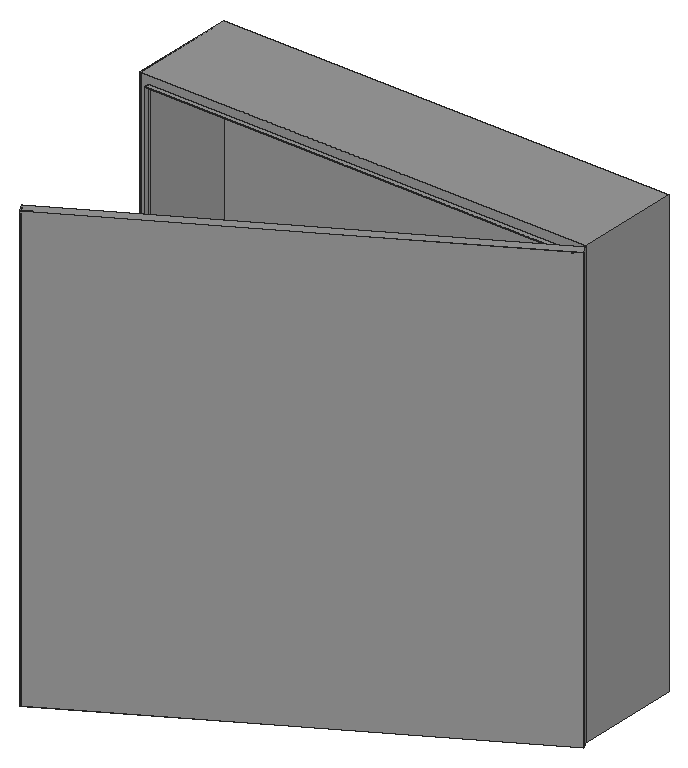
Revit family "Hager-Univers-IP54-D205-H800-Cl.II-Encl-NoHosted-AT-de", category Equipement électrique, Revit 2020
Family settings
  Configuration du panneau = Deux colonnes, circuits au sein
  Cote de connecteur circulaire = Utiliser le diamètre
  Type d'élément = Tableau de raccordement
  Basée sur le plan de construction = Oui
  Toujours verticalement = Oui
  Couper avec des vides une fois chargée = Non
  Partagée = Non
  Point de calcul de pièce = Non
Parameters (values of type "Aufputz IP54 B800 H800 T205  - FP53SW2")
  Width Control [instance] = if([EF000008 - Breite] > Min Width, [EF000008 - Breite], Min Width)  # 800 mm
  Commentaires du type = [HG000003 - Bereich]  # "Univers"
  Thickness Door [instance] = if([EF009171 - Materialstärke Tür/Deckel] > 3 mm, 3 mm, [EF009171 - Materialstärke Tür/Deckel])  # 1 mm
  Seal Frame Offset [instance] = 17 mm  # constant formula
  Plinth Visibility [instance] = [HG000027 - Sockelhöhe] > 0 mm  # no
  Min Width [instance] = 100 mm  # constant formula
  Min Depth [instance] = (2 * [EF009170 - Materialstärke Gehäuse]) + 1 mm  # 3 mm
  Min Height [instance] = 100 mm  # constant formula
  Internal Frame Depth [instance] = (Door System Depth * 0.5)  # 9 mm
  Panel Name [instance] = ""  # (empty or 0)
  Model = ""
  HG000027 - Sockelhöhe = 0 mm
  HG000026 - Stehend auf dem Boden = no
  HG000024 - Höhe des unteren Teils = 600 mm
  HG000023 - Gehäuse mit doppeltem Querschnitt = no
  HG000016 - 3D-Türsichtbarkeit [instance] = yes
  HG000015 - Sichtbarkeit der Türöffnung [instance] = no
  HG000014 - Tür rechts [instance] = yes
  HG000013 - Tür links [instance] = not([HG000014 - Tür rechts])  # no
  HG000012 - Türschwenkwinkel [instance] = 30.00°
  HG000010 - Asymmetrische Türen = no
  HG000009 - Doppelflügeligen Tür = no
  HG000006 - Unterputz = no
  HG000004 - Herstellerreferenz = "FP53SW2"
  HG000003 - Bereich = "Univers"
  HG000002 - Mit tür = yes
  Frame Offset Bottom [instance] = 10 mm  # constant formula
  Frame Offset [instance] = 15 mm  # constant formula
  EF015940 - Deckel mit Überdruckentlastung = no
  EF011959 - Schutzart (NEMA) = ""
  EF009554 - Anzahl der Öffnungen für Flanschplatten = 6
  EF009212 - Ausführung Deckel = "EV000116 - geschlossen"
  EF009171 - Materialstärke Tür/Deckel = 1 mm
  EF009170 - Materialstärke Gehäuse = 1 mm
  EF008873 - Nennstrom (In) = 250 A
  EF007800 - Geeignet für Blitzschutz = no
  EF006306 - Mit Schloss = no
  EF006244 - Transparenter Deckel/Tür = no
  EF005474 - Schutzart (IP) = "EV006419 - IP54"
  EF004464 - Art der Tür = "EV002646 - Einzel"
  EF004427 - Anzahl der Module = 180
  EF004293 - Schlagfestigkeit = "EV006815 - IK09"
  EF003532 - Geeignet für Außengebrauch = no
  EF002950 - Breite in Teilungseinheiten = 36
  EF001613 - Funktionserhalt = "EV000494 - ohne"
  EF001596 - Werkstoff des Gehäuses = "EV000179 - Stahl"
  EF001131 - Innentiefe = 130 mm
  EF001088 - Anbaumöglichkeit = yes
  EF000437 - Anzahl der Leitungseinführungen = 6
  EF000339 - Art der Abdeckung = "EV004216 - Tür"
  EF000266 - Anzahl der Reihen = 5
  EF000218 - Einbautiefe = 205 mm
  EF000118 - Mit Montageplatte = no
  EF000116 - RAL-Nummer = "9010"
  EF000049 - Tiefe = 205 mm
  EF000040 - Höhe = 800 mm
  EF000008 - Breite = 800 mm
  EF000007 - Farbe = "EV000202 - weiß"
  EF000003 - Montageart = "EV000384 - Aufputz"
  Door System Leaf Tolerance [instance] = 1.5 mm  # constant formula
  Door System Depth [instance] = 18 mm  # constant formula
  Door Height [instance] = Height Control - [HG000027 - Sockelhöhe]  # 800 mm
  Description = ""
  Default Elevation = 1219.2 mm
  Connector Offset [instance] = Height Control / 2  # 400 mm
  Fabricant = "Hager"  # constant formula
  Height Control [instance] = if([EF000040 - Höhe] > Min Height, [EF000040 - Höhe], Min Height)  # 800 mm
  Depth Control [instance] = if([EF000049 - Tiefe] > Min Depth, [EF000049 - Tiefe], Min Depth)  # 205 mm
  Bottom Top Plate Trim [instance] = 1.5 mm  # constant formula
  Plinth height Ctrl [instance] = if([HG000027 - Sockelhöhe] > 0 mm, [HG000027 - Sockelhöhe], 12 mm)  # 12 mm
Types (5, lengths in mm): name | Width Control | HG000010 - Asymmetrische Türen | HG000009 - Doppelflügeligen Tür | HG000004 - Herstellerreferenz | EF009554 - Anzahl der Öffnungen für Flanschplatten | EF004464 - Art der Tür | EF004427 - Anzahl der Module | EF002950 - Breite in Teilungseinheiten | EF000437 - Anzahl der Leitungseinführungen | EF000339 - Art der Abdeckung | EF000008 - Breite
  Aufputz IP54 B1050 H800 T205  - FP54SW2 | 1050 | no | yes | "FP54SW2" | 8 | "EV003602 - Doppel" | 240 | 48 | 8 | "EV004216 - Tür" | 1050
  Aufputz IP54 B1300 H800 T205  - FP55SW2 | 1300 | yes | yes | "FP55SW2" | 10 | "EV003602 - Doppel" | 300 | 60 | 10 | "EV004216 - Tür" | 1300
  Aufputz IP54 B300 H800 T205  - FP51SW2 | 300 | no | no | "FP51SW2" | 2 | "EV002646 - Einzel" | 60 | 12 | 2 | "EV001012 - Deckel" | 300
  Aufputz IP54 B550 H800 T205  - FP52SW2 | 550 | no | no | "FP52SW2" | 4 | "EV002646 - Einzel" | 120 | 24 | 4 | "EV001012 - Deckel" | 550
  Aufputz IP54 B800 H800 T205  - FP53SW2 | 800 | no | no | "FP53SW2" | 6 | "EV002646 - Einzel" | 180 | 36 | 6 | "EV004216 - Tür" | 800
Reference planes
  plane 1 "Center (Front/Back)": y = 0
  plane 2: z = 0
  plane 3 "Center (Left/Right)": x = 0
  plane 4: y = 0
  plane 5: y = 0
  plane 6: z = 0
  plane 7: x = -400
  plane 8: x = 400
  plane 9: x = 399
  plane 10: x = -399
  plane 11: z = 0
  plane 12: z = 1
  plane 13: y = -205
  plane 14: y = -1
  plane 15: x = 0
  plane 16: y = -187
  plane 17: y = -204
  plane 18: y = -186
  plane 19: x = -384
  plane 20: x = 384
  plane 21: z = 11
  plane 22: x = -383
  plane 23: x = 383
  plane 24: z = 0
  plane 25: z = 800
  plane 26: z = 800
  plane 27: z = 784
  plane 28: z = 799
Forms (mm)
  Extrusion 1, solid, material "Hager_Steel_RAL7035_Light_Grey", detail levels medium+fine
    sketch origin (-208.679, -4572, 0) x (-1, 0, 0) y (0, -1, 0)
      loop
        line (191.321, -4385) -> (-608.679, -4385) -> (-608.679, -4572) -> (191.321, -4572) -> (191.321, -4385)
    from 0 to 800
  Extrusion 2, void
    sketch origin (-350.771, -205, 1219.2) x (1, 0, 0) y (0, 0, 1)
      loop
        line (-48.229, -420.2) -> (-48.229, -1218.2) -> (749.771, -1218.2) -> (749.771, -420.2) -> (-48.229, -420.2)
    from -19 to -204
  Extrusion 3, void
    sketch origin (-290.084, -187, 1219.2) x (1, 0, 0) y (0, 0, 1)
      loop
        line (-93.916, -1208.2) -> (674.084, -1208.2) -> (674.084, -435.2) -> (-93.916, -435.2) -> (-93.916, -1208.2)
    from 0 to -1
  Extrusion 4, solid, material "Hager_Steel_RAL7035_Light_Grey", visible <- "Plinth Visibility", detail levels medium+fine
    sketch origin (0, 0, 0) x (1, 0, 0) y (0, 1, 0)
      loop
        line (-400, 0) -> (-400, -187) -> (400, -187) -> (400, 0) -> (-400, 0)
    from 0 to 12 <- "Plinth height Ctrl"
  Extrusion 5, solid, material "Hager_Steel_RAL7035_Light_Grey", detail levels coarse
    sketch origin (0, 0, 0) x (1, 0, 0) y (0, 1, 0)
      loop
        line (-400, 0) -> (-400, -205) -> (400, -205) -> (400, 0) -> (-400, 0)
    from 0 to 800 <- "Height Control"
  Sweep 6, void
    path in 3D
      loop
        line (-400, -187, 12) -> (400, -187, 12) -> (400, 0, 12) -> (-400, 0, 12) -> (-400, -187, 12)
    profile origin (-400, -93.5, 12) x (1, 0, 0) y (0, 0, 1)
      loop
        line (0, 0) -> (0, -1.5) -> (1.5, -1.5)
        arc (1.5, -1.5) -> (1.061, -0.439) -> (0, 0) r 1.5
  Extrusion 7, solid, material "Hager_Steel_RAL7035_Light_Grey", detail levels fine
    sketch origin (-400, -187, 0) x (1, 0, 0) y (0, 0, 1)
      loop
        line (16, 11) -> (784, 11) -> (784, 784) -> (16, 784) -> (16, 11)
      loop
        line (15, 10) -> (785, 10) -> (785, 785) -> (15, 785) -> (15, 10)
    from 0 to 9 <- "Internal Frame Depth"
Cuts and joins
  Extrusion 2, Extrusion 3 cuts Extrusion 1
  Sweep 6 cuts Extrusion 4
Lines and regions (mm)
  Masking region 1
    outline origin (0, 0, 0) x (1, 0, 0) y (0, 1, 0)
      loop
        line (-400, 0) -> (-400, -205) -> (400, -205) -> (400, 0) -> (-400, 0)
  Masking region 2, detail levels coarse
    outline origin (-290.084, -187, 1219.2) x (-1, 0, 0) y (0, 0, 1)
      loop
        line (-690.084, -1219.2) -> (109.916, -1219.2) -> (109.916, -419.2) -> (-690.084, -419.2) -> (-690.084, -1219.2)
  Masking region 3, detail levels coarse
    outline origin (0, 0, 0) x (0, 1, 0) y (0, 0, 1)
      loop
        line (0, 0) -> (0, 800) -> (-205, 800) -> (-205, 0) -> (0, 0)
  Masking region 4, visible <- "Plinth Visibility", detail levels medium+fine
    outline origin (0, 0, 0) x (0, 1, 0) y (0, 0, 1)
      loop
        line (-1.5, 12) -> (-185.5, 12)
        arc (-185.5, 12) -> (-185.939, 10.939) -> (-187, 10.5) r 1.5
        line (-187, 10.5) -> (-187, 0) -> (0, 0) -> (0, 10.5)
        arc (0, 10.5) -> (-1.061, 10.939) -> (-1.5, 12) r 1.5
  Masking region 5, detail levels medium+fine
    outline origin (0, 0, 594.038) x (0, 1, 0) y (0, 0, 1)
      loop
        line (0, -594.038) -> (0, 205.962) -> (-187, 205.962) -> (-187, -594.038) -> (0, -594.038)
  Masking region 6, detail levels medium+fine
    outline origin (-359.7, -187, 1211.883) x (-1, 0, 0) y (0, 0, 1)
      loop
        line (-759.7, -1211.883) -> (40.3, -1211.883) -> (40.3, -411.883) -> (-759.7, -411.883) -> (-759.7, -1211.883)
  Masking region 7, visible <- "Plinth Visibility", detail levels medium+fine
    outline origin (-320.334, -187, 1041.368) x (-1, 0, 0) y (0, 0, 1)
      loop
        line (-720.334, -1041.368) -> (79.666, -1041.368) -> (79.666, -1030.868)
        arc (79.666, -1030.868) -> (78.606, -1030.429) -> (78.166, -1029.368) r 1.5
        line (78.166, -1029.368) -> (-718.834, -1029.368)
        arc (-718.834, -1029.368) -> (-719.273, -1030.429) -> (-720.334, -1030.868) r 1.5
        line (-720.334, -1030.868) -> (-720.334, -1041.368)
  sketch lines
    curve 1: line (-400, 0, 12) -> (-400, -187, 12)
    curve 2: line (-400, -187, 12) -> (400, -187, 12)
    curve 3: line (400, 0, 12) -> (-400, 0, 12)
    curve 4: line (400, -187, 12) -> (400, 0, 12)
Dimensions and locks
  locked: plane 1 "Center (Front/Back)" to plane 5
  "EF009170 - Materialstärke Gehäuse": plane 7 to plane 10
  "EF009170 - Materialstärke Gehäuse": plane 8 to plane 9
  equal spacing: plane 7, plane 3 "Center (Left/Right)", plane 8
  "Width Control": plane 7 to plane 8
  "Depth Control": plane 4 to plane 13
  "EF009170 - Materialstärke Gehäuse": plane 4 to plane 14
  "Height Control": plane 25 to level
  "HG000027 - Sockelhöhe": plane 11 to level
  "EF009170 - Materialstärke Gehäuse": plane 12 to plane 11
  "EF009170 - Materialstärke Gehäuse": plane 17 to plane 13
  "EF009170 - Materialstärke Gehäuse": plane 18 to plane 16
  "Frame Offset Bottom": plane 21 to plane 12
  "Frame Offset": plane 10 to plane 19
  "Frame Offset": plane 9 to plane 20
  "Door System Depth": plane 16 to plane 13
  "Seal Frame Offset": plane 7 to plane 22
  "Seal Frame Offset": plane 8 to plane 23
  "EF009170 - Materialstärke Gehäuse": plane 26 to plane 28
  "Frame Offset": plane 28 to plane 27
  "Connector Offset": plane 2 to connector elem
  "Bottom Top Plate Trim": profile plane to Sweep 6 sketch curve
  "Bottom Top Plate Trim": Sweep 6 sketch curve to Sweep 6 sketch curve
  "Plinth height Ctrl": Masking region 4 sketch curve to level
  "Plinth height Ctrl": Masking region 7 sketch curve to level
  "Thickness Door": Extrusion 7 sketch curve to Extrusion 7 sketch curve  (x4)
  "Bottom Top Plate Trim": radius of Sweep 6 sketch curve
  "Bottom Top Plate Trim": radius of Masking region 4 sketch curve  (x2)
  "Bottom Top Plate Trim": radius of Masking region 7 sketch curve  (x2)
  aligned and locked: Extrusion 2 sketch curve to plane 12
  aligned and locked: Extrusion 2 sketch curve to plane 9
  aligned and locked: Extrusion 2 sketch curve to plane 10
  aligned and locked: Extrusion 2 to plane 14
  aligned and locked: Extrusion 1 sketch curve to plane 4
  aligned and locked: plane 8 to Extrusion 1 sketch curve
  aligned and locked: plane 7 to Extrusion 1 sketch curve
  aligned and locked: Extrusion 2 to plane 18
  aligned and locked: Extrusion 3 sketch curve to plane 19
  aligned and locked: plane 20 to Extrusion 3 sketch curve
  aligned and locked: Extrusion 3 to Extrusion 2
  aligned and locked: Extrusion 3 sketch curve to plane 21
  aligned and locked: plane 3 "Center (Left/Right)" to nested 1
  aligned and locked: Extrusion 1 sketch curve to plane 16
  aligned and locked: Extrusion 4 sketch curve to cut or joined group of Extrusion 1, Extrusion 2, Extrusion 3
  aligned and locked: Masking region 1 sketch curve to plane 7
  aligned and locked: Masking region 1 sketch curve to plane 5
  aligned and locked: Masking region 1 sketch curve to plane 8
  aligned and locked: Masking region 2 sketch curve to level
  aligned and locked: level to Masking region 3 sketch curve
  aligned and locked: plane 1 "Center (Front/Back)" to Masking region 3 sketch curve
  aligned and locked: plane 13 to Masking region 3 sketch curve
  aligned and locked: plane 5 to Masking region 4 sketch curve
  aligned and locked: Masking region 2 sketch curve to plane 8
  aligned and locked: Masking region 2 sketch curve to plane 7
  aligned and locked: plane 7 to nested 2
  aligned and locked: nested 2 to plane 5
  aligned and locked: plane 5 to Masking region 5 sketch curve
  aligned and locked: plane 26 to Masking region 5 sketch curve
  aligned and locked: Extrusion 5 sketch curve to plane 8
  aligned and locked: Extrusion 5 sketch curve to plane 7
  aligned and locked: Extrusion 5 sketch curve to plane 5
  aligned and locked: Extrusion 3 sketch curve to plane 27
  aligned and locked: Extrusion 2 sketch curve to plane 28
  aligned and locked: Masking region 2 to plane 25
  aligned and locked: Extrusion 4 to plane 16
  aligned and locked: profile plane to Sweep 6 sketch curve
  aligned and locked: Masking region 5 sketch curve to plane 24
  aligned and locked: level to Masking region 4 sketch curve
  aligned and locked: Masking region 1 to plane 13
  aligned and locked: nested 1 to plane 16
  aligned and locked: Masking region 3 to plane 25
  aligned and locked: plane 16 to Masking region 4 sketch curve
  aligned and locked: Masking region 5 sketch curve to plane 16
  aligned and locked: plane 24 to plane 11
  aligned and locked: plane 26 to plane 25
  aligned and locked: plane 26 to cut or joined group of Extrusion 1, Extrusion 2, Extrusion 3
  aligned and locked: nested 1 to plane 24
  aligned and locked: Extrusion 1 to Extrusion 3
  aligned and locked: Masking region 6 sketch curve to plane 8
  aligned and locked: Masking region 6 sketch curve to plane 24
  aligned and locked: Masking region 6 sketch curve to plane 7
  aligned and locked: Masking region 6 sketch curve to plane 26
  aligned and locked: Masking region 7 sketch curve to plane 7
  aligned and locked: level to Masking region 7 sketch curve
  aligned and locked: Masking region 7 sketch curve to plane 8
  aligned and locked: Extrusion 7 sketch curve to cut or joined group of Extrusion 1, Extrusion 2, Extrusion 3  (x4)
Automatic sketch dimensions
  plane 19 to Extrusion 3 sketch curve = 0 mm
  Extrusion 3 sketch curve to plane 20 = 0 mm
  Extrusion 3 sketch curve to plane 21 = 0 mm
  Extrusion 4 sketch curve to plane 7 = 0 mm
  Extrusion 4 sketch curve to plane 8 = 0 mm
  Extrusion 4 sketch curve to plane 16 = 0 mm
  Masking region 1 sketch curve to plane 13 = 0 mm
  Masking region 2 sketch curve to plane 25 = 0 mm
  Masking region 3 sketch curve to plane 25 = 0 mm
  Extrusion 5 sketch curve to plane 13 = 0 mm
  profile plane to Sweep 6 sketch curve = 0 mm
Nested families
  nested 1: "EC000058_Univers_Door" at (0, -187, 0), Double <- "HG000009 - Doppelflügeligen Tür", Transparent <- "EF006244 - Transparenter Deckel/Tür", Angle <- "HG000012 - Türschwenkwinkel", Door_Right <- "HG000014 - Tür rechts", Assymetrical <- "HG000010 - Asymmetrische Türen", Door <- "HG000002 - Mit tür", Width_Ctrl <- "Width Control", 3d_Door <- "HG000016 - 3D-Türsichtbarkeit", Clearance <- "HG000015 - Sichtbarkeit der Türöffnung", Door_Left <- "HG000013 - Tür links", Width <- "Width Control", Door_Depth <- "Door System Depth", Leaf_Tolerance <- "Door System Leaf Tolerance", Height <- "Door Height", Lock_Visibility <- "EF006306 - Mit Schloss", Thickness <- "Thickness Door", type "EC000058_Univers_Door", detail levels medium+fine
    with min_wh 3 mm, Width_Ctrl 800 mm, Width 800 mm, Transparent no, Thickness 1 mm, Seal_Material Hager_Rubber, Lock_Visibility no, Lock_Material Hager_Plastic_RAL9005_Jet_Black, Leaf_Width 800 mm, Leaf_Tolerance_External_Sides 0 mm, Leaf_Tolerance 1.5 mm, Leaf_Offset 0 mm, Leaf_Height 797 mm, Leaf_2_Width 800 mm, Leaf_2_Offset 400 mm, Leaf_1_Width 800 mm, Leaf_1_Offset 400 mm, Height_Ctrl 800 mm, Height 800 mm, Glass_Material Hager_Glass, Double_Clearance_Ctrl no, Double no, Door_Right_Ctrl yes, Door_Right yes, Door_Material Hager_Steel_RAL7035_Light_Grey, Door_Left_Ctrl no, Door_Left no, Door_Depth 18 mm, Door yes, Clearance_Material Hager_Clearance, Clearance_Depth 800 mm, Clearance_Ctrl no, Clearance no, Assymetrical no, Angle 30.00°, 3d_Door yes
  nested 2: "Hager_Enclosure_Symbol" at (-400, 0, 0), Height <- "Depth Control", Width <- "Width Control", type "Hager_Enclosure_Symbol"
    with Width_Ctrl 800 mm, Width 800 mm, Height_Ctrl 205 mm, Height 205 mm, A_Width_Int 13.453 mm, A_Width 161.438 mm, A_Height_Ctrl 179.375 mm, A_Height 179.375 mm
Connectors
  electrical at (0, 0, 400)
    settings: on plane 1 "Center (Front/Back)", index 1, voltage 0 V, apparent load 0 VA, apparent load phase1 0 VA, apparent load phase2 0 VA, apparent load phase3 0 VA, power factor 1, load classification "Other", number of poles 1, system type 30, power factor state 1, is connector primary yes, connector utility no, sub classification motor no, connector description ""
Definition of nested family "EC000058_Univers_Door"
  Parameters (values of type "EC000058_Univers_Door")
    min_wh [instance] = (2 * Thickness) + 1 mm  # 11 mm
    Width_Ctrl [instance] = 400 mm
    Width [instance] = 500 mm
    Transparent [instance] = yes
    Thickness [instance] = 5 mm
    Seal_Material [instance] = none
    Lock_Visibility [instance] = yes
    Lock_Material [instance] = none
    Leaf_Width [instance] = if((Width_Ctrl - 2 * Leaf_Tolerance_External_Sides) > 0 mm, (Width_Ctrl - 2 * Leaf_Tolerance_External_Sides), min_wh)  # 400 mm
    Leaf_Tolerance_External_Sides [instance] = 0 mm  # constant formula
    Leaf_Tolerance [instance] = 1.5 mm
    Leaf_Offset [instance] = 0 mm  # constant formula
    Leaf_Height [instance] = if((Height_Ctrl - 2 * Leaf_Tolerance) > 0 mm, (Height_Ctrl - 2 * Leaf_Tolerance), min_wh)  # 497 mm
    Leaf_2_Width [instance] = if(and(and(Double, Assymetrical), Door_Left), (Leaf_Width / 3) - (Leaf_Tolerance / 2), if(and(and(Double, Assymetrical), Door_Right), (Leaf_Width / 3) * 2 - (Leaf_Tolerance / 2), if(and(Double, not(Assymetrical)), (Leaf_Width / 2) - Leaf_Tolerance, Leaf_Width)))  # 400 mm
    Leaf_2_Offset [instance] = if(and(Double, Assymetrical), Leaf_2_Width / 2, if(and(Double, not(Assymetrical)), Leaf_Width / 4, Leaf_Width / 2))  # 200 mm
    Leaf_1_Width [instance] = if(and(and(Double, Assymetrical), Door_Right), (Leaf_Width / 3) - (Leaf_Tolerance / 2), if(and(and(Double, Assymetrical), Door_Left), (Width / 3) * 2 - (Leaf_Tolerance / 2), if(and(Double, not(Assymetrical)), (Leaf_Width / 2) - Leaf_Tolerance, Leaf_Width)))  # 400 mm
    Leaf_1_Offset [instance] = if(and(Double, Assymetrical), Leaf_1_Width / 2, if(and(Double, not(Assymetrical)), Leaf_Width / 4, Leaf_Width / 2))  # 200 mm
    Height_Ctrl [instance] = if(Height > min_wh, Height, min_wh)  # 500 mm
    Height [instance] = 500 mm
    Glass_Material [instance] = none
    Double_Clearance_Ctrl [instance] = and(Double, Clearance)  # no
    Double [instance] = no
    Door_Right_Ctrl [instance] = and(or(Door_Right, Double), Door)  # yes
    Door_Right [instance] = yes
    Door_Material [instance] = none
    Door_Left_Ctrl [instance] = and(or(Door_Left, Double), Door)  # no
    Door_Left [instance] = no
    Door_Depth [instance] = 30 mm
    Door [instance] = yes
    Default Elevation = 1219.2 mm
    Clearance_Material [instance] = none
    Clearance_Depth [instance] = if(Leaf_1_Width > Leaf_2_Width, Leaf_1_Width, Leaf_2_Width)  # 400 mm
    Clearance_Ctrl [instance] = and(not(Double), Clearance)  # yes
    Clearance [instance] = yes
    Assymetrical [instance] = yes
    Angle [instance] = 30.00°
    3d_Door [instance] = yes
  Reference planes
    plane 1 "Center (Front/Back)": y = 0
    plane 2 "Bottom": z = 0
    plane 3 "Center (Left/Right)": x = 0
    plane 4: z = 500
    plane 5: x = -200
    plane 6: x = 200
    plane 7: z = 500
    plane 8: x = -200
    plane 9: z = 0
    plane 10: x = 200
    plane 11: y = 0
    plane 12: z = 1.5
    plane 13: x = -600
    plane 14: y = -400
    plane 15: x = 600
    plane 16: x = 0
    plane 17: x = 0
    plane 18: x = -200
    plane 19: x = 200
    plane 20: z = 498.5
  Forms (mm)
    Extrusion 1, solid, material <- "Clearance_Material", visible <- "Double_Clearance_Ctrl"
      sketch origin (1200, 0, 0) x (1, 0, 0) y (0, 0, -1)
        loop
          line (-1800, -498.5) -> (-600, -498.5) -> (-600, 0) -> (-1800, 0) -> (-1800, -498.5)
      from 0 to -400
  Dimensions and locks
    equal spacing: plane 5, plane 3 "Center (Left/Right)", plane 6
    "Width_Ctrl": plane 5 to plane 6
    "Leaf_Offset": plane 5 to plane 8
    "Leaf_Offset": plane 6 to plane 10
    "Leaf_Offset": plane 9 to level
    "Leaf_Offset": plane 4 to plane 7
    "Height_Ctrl": plane 4 to level
    "Leaf_Tolerance": plane 12 to plane 9
    locked: plane 11 to plane 1 "Center (Front/Back)"
    "Leaf_1_Offset": plane 18 to plane 16
    "Leaf_2_Offset": plane 17 to plane 19
    "Leaf_1_Width": plane 13 to plane 8
    "Leaf_2_Width": plane 10 to plane 15
    "Clearance_Depth": plane 14 to plane 1 "Center (Front/Back)"
    "Leaf_Tolerance_External_Sides": plane 8 to plane 18
    "Leaf_Tolerance_External_Sides": plane 19 to plane 10
    "Leaf_Tolerance": plane 7 to plane 20
    aligned and locked: level to plane 2 "Bottom"
    aligned and locked: nested 1 to plane 16
    aligned and locked: nested 2 to plane 17
    aligned and locked: Extrusion 1 to plane 13
    aligned and locked: plane 15 to Extrusion 1
    aligned and locked: Extrusion 1 to plane 14
    aligned and locked: plane 12 to nested 1
    aligned and locked: nested 2 to plane 12
    aligned and locked: Extrusion 1 to plane 11
    aligned and locked: plane 20 to Extrusion 1
    aligned and locked: nested 2 to plane 11
    aligned and locked: nested 1 to plane 11
  Automatic sketch dimensions
    Extrusion 1 sketch curve to level = 0 mm
    plane 5 to Extrusion 1 sketch curve = 400 mm
    plane 6 to Extrusion 1 sketch curve = 400 mm
    Extrusion 1 sketch curve to plane 4 = 1.5 mm
  Nested families
    nested 1: "EC000058_Univers_Door_Leaf" at (0, 0, 1.5), Width <- "Leaf_1_Width", visible <- "Door_Left_Ctrl", Leaf_Height <- "Leaf_Height", Angle <- "Angle", 3d_Door <- "3d_Door", Transparent <- "Transparent", Clearance Material <- "Clearance_Material", Clearance <- "Clearance_Ctrl", Door_Material <- "Door_Material", Glass_Material <- "Glass_Material", Door_Depth <- "Door_Depth", Lock_Material <- "Lock_Material", Seal_Material <- "Seal_Material", Lock_Visibility <- "Lock_Visibility", Thickness <- "Thickness", type "EC000058_Univers_Door_Leaf"
      with Width 400 mm, Transparent_Glass_Offset 30 mm, Transparent_Ctrl yes, Transparent yes, Thickness 5 mm, Standard no, Seal_Material none, Seal_D2 8 mm, Seal_D1 1 mm, Offset_Internal_Frame 10 mm, Lock_Width 20 mm, Lock_Visibility_3d yes, Lock_Visibility yes, Lock_Thickness_3 3 mm, Lock_Thickness_2 1 mm, Lock_Thickness_1 3 mm, Lock_Radius_Offset_2 16 mm, Lock_Radius_Offset_1 15 mm, Lock_Radius_2 5 mm, Lock_Radius 6 mm, Lock_Offset 5 mm, Lock_Material none, Lock_Height 80 mm, Lock_Cover_Top_Offset_2d 17 mm, Lock_Cover_Height -65 mm, Leaf_Height 497 mm, Internal_Seal_Thickness 8 mm, Internal_Seal_Depth_2 4.5 mm, Internal_Frame_Depth 25 mm, Glass_Thickness -1 mm, Glass_Offset -2 mm, Glass_Material none, Door_Material none, Door_Depth 30 mm, Clearance Material none, Clearance yes, Angle_Ctrl 30.00°, Angle 30.00°, 3d_Door yes
    nested 2: "EC000058_Univers_Door_Leaf" at (0, 0, 1.5) x (-1, 0, 0) z (0, 0, 1), Width <- "Leaf_2_Width", visible <- "Door_Right_Ctrl", Leaf_Height <- "Leaf_Height", Angle <- "Angle", 3d_Door <- "3d_Door", Transparent <- "Transparent", Clearance Material <- "Clearance_Material", Clearance <- "Clearance_Ctrl", Door_Material <- "Door_Material", Glass_Material <- "Glass_Material", Door_Depth <- "Door_Depth", Lock_Material <- "Lock_Material", Seal_Material <- "Seal_Material", Lock_Visibility <- "Lock_Visibility", Thickness <- "Thickness", type "EC000058_Univers_Door_Leaf"
      with Width 400 mm, Transparent_Glass_Offset 30 mm, Transparent_Ctrl yes, Transparent yes, Thickness 5 mm, Standard no, Seal_Material none, Seal_D2 8 mm, Seal_D1 1 mm, Offset_Internal_Frame 10 mm, Lock_Width 20 mm, Lock_Visibility_3d yes, Lock_Visibility yes, Lock_Thickness_3 3 mm, Lock_Thickness_2 1 mm, Lock_Thickness_1 3 mm, Lock_Radius_Offset_2 16 mm, Lock_Radius_Offset_1 15 mm, Lock_Radius_2 5 mm, Lock_Radius 6 mm, Lock_Offset 5 mm, Lock_Material none, Lock_Height 80 mm, Lock_Cover_Top_Offset_2d 17 mm, Lock_Cover_Height -65 mm, Leaf_Height 497 mm, Internal_Seal_Thickness 8 mm, Internal_Seal_Depth_2 4.5 mm, Internal_Frame_Depth 25 mm, Glass_Thickness -1 mm, Glass_Offset -2 mm, Glass_Material none, Door_Material none, Door_Depth 30 mm, Clearance Material none, Clearance yes, Angle_Ctrl 30.00°, Angle 30.00°, 3d_Door yes
  Definition of nested family "EC000058_Univers_Door_Leaf"
    Parameters (values of type "EC000058_Univers_Door_Leaf")
      Width [instance] = 2000 mm
      Transparent_Glass_Offset [instance] = 30 mm
      Transparent_Ctrl [instance] = and(Transparent, [3d_Door])  # yes
      Transparent [instance] = yes
      Thickness [instance] = 5 mm
      Standard [instance] = and(not(Transparent), [3d_Door])  # no
      Seal_Material [instance] = none
      Seal_D2 [instance] = 8 mm  # constant formula
      Seal_D1 [instance] = 1 mm  # constant formula
      Offset_Internal_Frame [instance] = 10 mm  # constant formula
      Lock_Width [instance] = 20 mm  # constant formula
      Lock_Visibility_3d [instance] = and(Lock_Visibility, [3d_Door])  # yes
      Lock_Visibility [instance] = yes
      Lock_Thickness_3 [instance] = 3 mm  # constant formula
      Lock_Thickness_2 [instance] = 1 mm  # constant formula
      Lock_Thickness_1 [instance] = 3 mm  # constant formula
      Lock_Radius_Offset_2 [instance] = Lock_Radius_Offset_1 + 1 mm  # 16 mm
      Lock_Radius_Offset_1 [instance] = 15 mm  # constant formula
      Lock_Radius_2 [instance] = Lock_Radius - 1 mm  # 5 mm
      Lock_Radius [instance] = 6 mm  # constant formula
      Lock_Offset [instance] = 5 mm  # constant formula
      Lock_Material [instance] = none
      Lock_Height [instance] = 80 mm  # constant formula
      Lock_Cover_Top_Offset_2d [instance] = Lock_Radius_Offset_2 + 1 mm  # 17 mm
      Lock_Cover_Height [instance] = -(Lock_Height - Lock_Radius_Offset_1)  # -65 mm
      Leaf_Height [instance] = 2720.336 mm
      Internal_Seal_Thickness [instance] = 8 mm  # constant formula
      Internal_Seal_Depth_2 [instance] = 4.5 mm  # constant formula
      Internal_Frame_Depth [instance] = if(Door_Depth - Thickness > 5 mm, Door_Depth - Thickness, 5 mm)  # 25 mm
      Glass_Thickness [instance] = if(Thickness > 15 mm, Glass_Offset + 10 mm, -1 mm)  # -1 mm
      Glass_Offset [instance] = if(Thickness > 15 mm, -(Thickness + 10 mm) / 2, -2 mm)  # -2 mm
      Glass_Material [instance] = none
      Door_Material [instance] = none
      Door_Depth [instance] = 30 mm
      Default Elevation = 0 mm
      Clearance Material [instance] = none
      Clearance [instance] = yes
      Angle_Ctrl [instance] = if(Angle > 180.00°, 180.00°, Angle)  # 90.00°
      Angle [instance] = 90.00°
      3d_Door [instance] = yes
    Reference planes
      plane 1 "Center (Front/Back)": y = 0
      plane 2: z = 0
      plane 3 "Center (Left/Right)": x = 0
      plane 4: y = 2000
      plane 5: x = -1000
      plane 6: x = 1000
      plane 7: x = -3000
      plane 8: z = 2720.336
      plane 9: z = 30
      plane 10: z = 2690.336
      plane 11: x = 970
      plane 12: x = -970
      plane 13: y = -3
      plane 14: z = 107.833
      plane 15: y = -5
      plane 16: y = -223.314
      plane 17: x = -1000
      plane 18: z = 1360.168
      plane 19: y = 30
    Forms (mm)
      Extrusion 1, solid, material <- "Clearance Material", visible <- "Clearance"
        sketch origin (0, 0, 0) x (1, 0, 0) y (0, 0, 1)
          loop
            line (-3000, 2720.336) -> (-3000, 0) -> (1000, 0) -> (1000, 2720.336) -> (-3000, 2720.336)
        from 0 to -2000
      Extrusion 2, solid, material <- "Door_Material", visible <- "Standard", detail levels medium+fine
        sketch origin (-1000, 0, 0) x (0, 1, 0) y (-1, 0, 0)
          loop
            line (0, 30) -> (0, 25) -> (2000, 25) -> (2000, 30) -> (0, 30)
        from 0 to 2720.336 <- "Leaf_Height"
      Extrusion 3, solid, material <- "Door_Material", visible <- "Transparent_Ctrl", detail levels medium+fine
        sketch origin (-1000, 0, 0) x (0, 1, 0) y (-1, 0, 0)
          loop
            line (0, 25) -> (2000, 25) -> (2000, 30) -> (0, 30) -> (0, 25)
        from 0 to 2720.336 <- "Leaf_Height"
      Extrusion 4, void
        sketch origin (-1025, 2000, 0) x (0, 1, 0) y (0, 0, -1)
          loop
            line (-30, -2690.336) -> (-30, -30) -> (-1970, -30) -> (-1970, -2690.336) -> (-30, -2690.336)
        from 0 to 5 <- "Thickness"
      Sweep 5, solid, material <- "Seal_Material", visible <- "Transparent_Ctrl", detail levels fine
        path in 3D
          loop
            line (-1025, 30, 30) -> (-1025, 30, 2690.336) -> (-1025, 1970, 2690.336) -> (-1025, 1970, 30) -> (-1025, 30, 30)
        profile origin (-1025, 1000, 30) x (1, 0, 0) y (0, 0, 1)
          loop
            line (0, 0) -> (0, -8) -> (1, -8) -> (1, 0) -> (0, 0)
      Extrusion 6, solid, material <- "Glass_Material", visible <- "Transparent_Ctrl", detail levels medium+fine
        sketch origin (-1030, 0, 0) x (0, 1, 0) y (0, 0, -1)
          loop
            line (1970, -2690.336) -> (1970, -30) -> (30, -30) -> (30, -2690.336) -> (1970, -2690.336)
        from -2 <- "Glass_Offset" to -1 <- "Glass_Thickness"
      Extrusion 7, solid, material <- "Door_Material", visible <- "3d_Door", detail levels medium+fine
        sketch origin (-1025, 2000, 0) x (0, -1, 0) y (0, 0, -1)
          loop
            line (0, -2720.336) -> (2000, -2720.336) -> (2000, 0) -> (0, 0) -> (0, -2720.336)
          loop
            line (1995, -5) -> (5, -5) -> (5, -2715.336) -> (1995, -2715.336) -> (1995, -5)
        from 0 to 25 <- "Internal_Frame_Depth"
      Sweep 8, solid, material <- "Seal_Material", visible <- "Transparent_Ctrl", detail levels fine
        path in 3D
          loop
            line (-1025, 0, 0) -> (-1025, 2000, 0) -> (-1025, 2000, 2720.336) -> (-1025, 0, 2720.336) -> (-1025, 0, 0)
        profile origin (-1025, 0, 1360.168) x (1, 0, 0) y (0, 1, 0)
          loop
            line (0, 10) -> (2.975, 10)
            arc (2.975, 10) -> (4.053, 10.447) -> (4.5, 11.525) r 1.525
            line (4.5, 11.525) -> (4.5, 16.527)
            arc (4.5, 16.527) -> (4.069, 17.569) -> (3.027, 18) r 1.473
            line (3.027, 18) -> (0, 18) -> (0, 10)
      Extrusion 9, solid, material <- "Lock_Material", visible <- "Lock_Visibility_3d", detail levels fine
        sketch origin (-1030, 0, 0) x (0, 1, 0) y (0, 0, -1)
          loop
            arc (1993.5, -1400.168) -> (1994.561, -1399.729) -> (1995, -1398.668) r 1.5
            line (1995, -1398.668) -> (1995, -1320.168) -> (1975, -1320.168) -> (1975, -1398.668)
            arc (1975, -1398.668) -> (1975.439, -1399.729) -> (1976.5, -1400.168) r 1.5
            line (1976.5, -1400.168) -> (1993.5, -1400.168)
        from 3 <- "Lock_Thickness_1" to 0
      Blend 10, solid, material <- "Lock_Material", visible <- "Lock_Visibility_3d", detail levels fine
        base sketch origin (-1033, 0, 0) x (0, 1, 0) y (0, 0, -1)
          loop
            line (1975, -1320.168) -> (1975, -1398.668)
            arc (1975, -1398.668) -> (1975.439, -1399.729) -> (1976.5, -1400.168) r 1.5
            line (1976.5, -1400.168) -> (1993.5, -1400.168)
            arc (1993.5, -1400.168) -> (1994.561, -1399.729) -> (1995, -1398.668) r 1.5
            line (1995, -1398.668) -> (1995, -1320.168) -> (1975, -1320.168)
        top sketch origin (-1033, 0, 0) x (0, 1, 0) y (0, 0, -1)
          loop
            line (1976, -1320.168) -> (1976, -1398.668)
            arc (1976, -1398.668) -> (1976.146, -1399.022) -> (1976.5, -1399.168) r 0.5
            line (1976.5, -1399.168) -> (1993.5, -1399.168)
            arc (1993.5, -1399.168) -> (1993.854, -1399.022) -> (1994, -1398.668) r 0.5
            line (1994, -1398.668) -> (1994, -1320.168) -> (1976, -1320.168)
        from 0 to 1 <- "Lock_Thickness_2"
      Blend 11, solid, material <- "Lock_Material", visible <- "Lock_Visibility_3d", detail levels fine
        base sketch origin (-1034, 0, 0) x (0, 1, 0) y (0, 0, -1)
          loop
            line (1978, -1320.168) -> (1978, -1384.168)
            arc (1978, -1384.168) -> (1985, -1391.168) -> (1992, -1384.168) r 7
            line (1992, -1384.168) -> (1992, -1320.168) -> (1978, -1320.168)
        top sketch origin (-1034, 0, 0) x (0, 1, 0) y (0, 0, -1)
          loop
            line (1991, -1320.168) -> (1979, -1320.168) -> (1979, -1383.168)
            arc (1979, -1383.168) -> (1985, -1389.168) -> (1991, -1383.168) r 6
            line (1991, -1383.168) -> (1991, -1320.168)
        from 0 to 3 <- "Lock_Thickness_3"
      Extrusion 12, solid, material <- "Lock_Material", visible <- "Lock_Visibility_3d", detail levels fine
        sketch origin (-1030, 1975, 1320.168) x (1, 0, 0) y (0, -1, 0)
          loop
            line (-7, -19) -> (-7, -1) -> (0, -1) -> (0, 0) -> (-8, 0) -> (-8, -20) -> (0, -20) -> (0, -19) -> (-7, -19)
        from 0 to -65 <- "Lock_Cover_Height"
      Extrusion 13, void
        sketch origin (-1038, 1995, 1320.168) x (-1, 0, 0) y (0, 0, -1)
          loop
            line (-5, -65) -> (0, -65) -> (-5, -60) -> (-5, -65)
        from 0 to 20 <- "Lock_Width"
      Extrusion 14, void
        sketch origin (-1038, 1975, 1320.168) x (0, -1, 0) y (0, 0, -1)
          loop
            circle (-10, -15.995) r 6
          loop
            circle (-10, -15.995) r 5
        from 0 to 2
      Extrusion 15, solid, material <- "Lock_Material", visible <- "Lock_Visibility_3d", detail levels medium
        sketch origin (-1030, 0, 0) x (0, 1, 0) y (0, 0, -1)
          loop
            arc (1993.5, -1400.168) -> (1994.561, -1399.729) -> (1995, -1398.668) r 1.5
            line (1995, -1398.668) -> (1995, -1320.168) -> (1975, -1320.168) -> (1975, -1398.668)
            arc (1975, -1398.668) -> (1975.439, -1399.729) -> (1976.5, -1400.168) r 1.5
            line (1976.5, -1400.168) -> (1993.5, -1400.168)
        from 8 to 0
    Cuts and joins
      Extrusion 4 cuts Extrusion 3
      Extrusion 13, Extrusion 14 cuts Extrusion 9
      Extrusion 14 cuts Blend 11
      Extrusion 13, Extrusion 14 cuts Extrusion 12
      joined: Extrusion 9, Blend 10, Blend 11, Extrusion 12
      Extrusion 14 cuts Extrusion 15
    Lines and regions (mm)
      Masking region 1, visible <- "Lock_Visibility", detail levels fine
        outline origin (0, 0, 0) x (0, 1, 0) y (0, 0, 1)
          loop
            line (30, 1320.168) -> (33, 1320.168) -> (33, 1400.168) -> (30, 1400.168) -> (30, 1320.168)
      Masking region 2, visible <- "Lock_Visibility", detail levels fine
        outline origin (0, 3.143, 0) x (0, 1, 0) y (0, 0, 1)
          loop
            line (29.857, 1354.168) -> (30.857, 1354.168) -> (30.857, 1366.168) -> (29.857, 1366.168) -> (29.857, 1354.168)
      Masking region 3, detail levels medium+fine
        outline origin (0, 0, 0) x (0, 1, 0) y (0, 0, 1)
          loop
            line (0, 0) -> (30, 0) -> (30, 2720.336) -> (0, 2720.336) -> (0, 0)
      Masking region 4, detail levels medium+fine
        outline origin (0, 0, 0) x (1, 0, 0) y (0, 0, 1)
          loop
            line (-1000, 2720.336) -> (-1000, 0) -> (1000, 0) -> (1000, 2720.336) -> (-1000, 2720.336)
      Masking region 5, visible <- "Lock_Visibility", detail levels fine
        outline origin (-47.116, 0, 0) x (1, 0, 0) y (0, 0, 1)
          loop
            arc (1024.616, 1399.168) -> (1023.556, 1398.729) -> (1023.116, 1397.668) r 1.5
            line (1023.116, 1397.668) -> (1023.116, 1320.168) -> (1041.116, 1320.168) -> (1041.116, 1397.668)
            arc (1041.116, 1397.668) -> (1040.677, 1398.729) -> (1039.616, 1399.168) r 1.5
            line (1039.616, 1399.168) -> (1024.616, 1399.168)
      Masking region 6, visible <- "Lock_Visibility", detail levels medium+fine
        outline origin (-25, 0, 0) x (1, 0, 0) y (0, 0, 1)
          loop
            arc (1001.5, 1400.168) -> (1000.439, 1399.729) -> (1000, 1398.668) r 1.5
            line (1000, 1398.668) -> (1000, 1320.168) -> (1020, 1320.168) -> (1020, 1398.668)
            arc (1020, 1398.668) -> (1019.561, 1399.729) -> (1018.5, 1400.168) r 1.5
            line (1018.5, 1400.168) -> (1001.5, 1400.168)
      Masking region 7, visible <- "Lock_Visibility", detail levels fine
        outline origin (-73.735, 0, 0) x (1, 0, 0) y (0, 0, 1)
          loop
            line (1051.735, 1382.168) -> (1065.735, 1382.168) -> (1065.735, 1384.168)
            arc (1065.735, 1384.168) -> (1058.735, 1391.168) -> (1051.735, 1384.168) r 7
            line (1051.735, 1384.168) -> (1051.735, 1382.168)
      Masking region 8, visible <- "Lock_Visibility", detail levels fine
        outline origin (-73.735, 0, 0) x (1, 0, 0) y (0, 0, 1)
          loop
            line (1052.735, 1382.168) -> (1064.735, 1382.168) -> (1064.735, 1383.168)
            arc (1064.735, 1383.168) -> (1058.735, 1389.168) -> (1052.735, 1383.168) r 6
            line (1052.735, 1383.168) -> (1052.735, 1382.168)
      Masking region 9, visible <- "Lock_Visibility", detail levels fine
        outline origin (-25, 0, 0) x (1, 0, 0) y (0, 0, 1)
          loop
            line (1020, 1320.168) -> (1020, 1382.168) -> (1000, 1382.168) -> (1000, 1320.168) -> (1020, 1320.168)
      Masking region 10, detail levels medium+fine
        outline origin (0, 0, 0) x (1, 0, 0) y (0, 0, 1)
          loop
            circle (985, 1335.144) r 6
      Masking region 11, detail levels fine
        outline origin (0, 0, 0) x (1, 0, 0) y (0, 0, 1)
          loop
            circle (985, 1335.144) r 5
      Masking region 12, visible <- "Lock_Visibility", detail levels fine
        outline origin (0, 12.767, 0) x (0, 1, 0) y (0, 0, 1)
          loop
            line (20.233, 1320.168) -> (21.233, 1320.168) -> (21.233, 1399.168) -> (20.233, 1400.168) -> (20.233, 1320.168)
      Masking region 13, visible <- "Lock_Visibility", detail levels fine
        outline origin (0, 13.767, -10) x (0, 1, 0) y (0, 0, 1)
          loop
            line (20.233, 1330.168) -> (23.233, 1330.168) -> (23.233, 1399.168) -> (20.233, 1402.168) -> (20.233, 1330.168)
      Masking region 14, visible <- "Lock_Visibility", detail levels fine
        outline origin (0, 12.767, -10) x (0, 1, 0) y (0, 0, 1)
          loop
            line (20.233, 1330.168) -> (25.233, 1330.168) -> (25.233, 1399.305) -> (20.233, 1394.305) -> (20.233, 1330.168)
      Masking region 15, visible <- "Lock_Visibility", detail levels medium
        outline origin (0, 0, 0) x (0, 1, 0) y (0, 0, 1)
          loop
            line (30, 1320.168) -> (38, 1320.168) -> (38, 1400.168) -> (30, 1400.168) -> (30, 1320.168)
      Masking region 16, visible <- "Lock_Visibility", detail levels fine
        outline origin (-1000, 0, 0) x (0, 1, 0) y (-1, 0, 0)
          loop
            line (1975, 30) -> (1995, 30) -> (1995, 38) -> (1975, 38) -> (1975, 30)
          loop
            line (1979, 37) -> (1976, 37) -> (1976, 34) -> (1978, 34) -> (1979, 37)
          loop
            line (1994, 37) -> (1991, 37) -> (1992, 34) -> (1994, 34) -> (1994, 37)
      Masking region 17, visible <- "Lock_Visibility", detail levels medium
        outline origin (-1000, 0, 0) x (0, 1, 0) y (-1, 0, 0)
          loop
            line (1975, 30) -> (1995, 30) -> (1995, 38) -> (1975, 38) -> (1975, 30)
      symbolic lines
        curve 1: line (1000, 0, 0) -> (-3000, 0, 0)
        curve 2: arc (1000, 0, 0) -> (-1000, 2000, 0) -> (-3000, 0, 0) r 2000
        curve 4: line (-1030, 0, 0) -> (-1030, 2000, 0)
      reference lines
        curve 3: line (-1000, 0, 0) -> (-1000, 2000, 0)
      symbolic lines, detail levels medium+fine
        curve 5: line (-1030, 2000, 0) -> (-1025, 2000, 0)
        curve 7: line (-1025, 0, 0) -> (-1030, 0, 0)
        curve 8: line (-1025, 0, 0) -> (-1000, 0, 0)
        curve 9: line (-1000, 0, 0) -> (-1000, 2000, 0)
        curve 10: line (-1000, 2000, 0) -> (-1025, 2000, 0)
      symbolic lines, detail levels fine
        curve 6: line (-1025, 2000, 0) -> (-1025, 0, 0)
      sketch lines
        curve 11: line (-1025, 0, 2720.336) -> (-1025, 0, 0)
        curve 12: line (-1025, 2000, 0) -> (-1025, 0, 0)
        curve 13: line (-1025, 2000, 2720.336) -> (-1025, 2000, 0)
        curve 14: line (-1025, 0, 2720.336) -> (-1025, 2000, 2720.336)
        curve 15: line (-1025, 1970, 30) -> (-1025, 30, 30)
        curve 16: line (-1025, 30, 30) -> (-1025, 30, 2690.336)
        curve 17: line (-1025, 1970, 2690.336) -> (-1025, 1970, 30)
        curve 18: line (-1025, 30, 2690.336) -> (-1025, 1970, 2690.336)
      symbolic lines, visible <- "Transparent", detail levels medium+fine
        curve 19: line (-970, 0, 2690.336) -> (970, 0, 2690.336)
        curve 20: line (-970, 0, 30) -> (-970, 0, 2690.336)
        curve 21: line (970, 0, 30) -> (-970, 0, 30)
        curve 22: line (970, 0, 2690.336) -> (970, 0, 30)
    Dimensions and locks
      "Width": plane 1 "Center (Front/Back)" to plane 4
      equal spacing: plane 5, plane 3 "Center (Left/Right)", plane 6
      "Width": plane 5 to plane 6
      "Width": plane 7 to plane 5
      "Leaf_Height": plane 8 to level
      "Width": curve 5 to curve 3
      "Width": curve 3 to curve 3
      plane 8 to plane 10 = 30 mm
      plane 9 to level = 30 mm
      plane 12 to plane 5 = 30 mm
      plane 6 to plane 11 = 30 mm
      Extrusion 1 to Extrusion 4 sketch curve = 30 mm
      "Transparent_Glass_Offset": curve 3 to Extrusion 4 sketch curve
      "Transparent_Glass_Offset": Extrusion 4 sketch curve to cut or joined group of Extrusion 3, Extrusion 4  (x2)
      cut or joined group of Extrusion 3, Extrusion 4 to Extrusion 6 sketch curve = 30 mm
      "Transparent_Glass_Offset": cut or joined group of Extrusion 3, Extrusion 4 to Extrusion 4 sketch curve
      "Thickness": curve 6 to curve 4
      "Thickness": Extrusion 7 sketch curve to Extrusion 7 sketch curve  (x4)
      "Door_Depth": curve 4 to curve 3
      "Offset_Internal_Frame": profile plane to Sweep 8 sketch curve
      "Internal_Seal_Thickness": Sweep 8 sketch curve to Sweep 8 sketch curve
      "Internal_Seal_Depth_2": profile plane to Sweep 8 sketch curve
      "Seal_D1": profile plane to Sweep 5 sketch curve
      "Seal_D2": profile plane to Sweep 5 sketch curve
      "Thickness": Extrusion 2 sketch curve to Extrusion 2 sketch curve
      equal spacing: Extrusion 9 sketch curve, plane 18, Extrusion 9 sketch curve  (x2)
      equal spacing: Masking region 1 sketch curve, plane 18, Masking region 1 sketch curve
      "Lock_Height": Masking region 1 sketch curve to Masking region 1 sketch curve
      "Lock_Radius": Masking region 2 sketch curve to plane 18 to Masking region 2 sketch curve
      Masking region 2 sketch curve to Masking region 1 = 1 mm
      "Door_Depth": plane 19 to plane 1 "Center (Front/Back)"
      "Lock_Thickness_1": Masking region 1 sketch curve to plane 19
      "Lock_Width": Extrusion 9 sketch curve to Extrusion 9 sketch curve
      "Lock_Height": Extrusion 9 sketch curve to Extrusion 9 sketch curve
      "Lock_Offset": cut or joined group of Extrusion 3, Extrusion 4 to Extrusion 9 sketch curve
      equal spacing: plane 8, plane 18, level
      "Lock_Radius_Offset_1": Blend 11 sketch curve to Blend 10
      locked: Blend 10 to Blend 11 sketch curve at 2  (x2)
      locked: var sketch to Blend 11 sketch curve at 1  (x2)
      "Lock_Radius_Offset_2": Blend 11 sketch curve to Blend 10
      locked: Extrusion 12 sketch curve to Extrusion 12 sketch curve at 1  (x3)
      Masking region 6 sketch curve to Masking region 6 sketch curve = 80 mm
      "Lock_Height": Masking region 6 sketch curve to Masking region 6 sketch curve
      "Lock_Width": Masking region 6 sketch curve to Masking region 6 sketch curve
      locked: Masking region 6 to Masking region 5 sketch curve at 1  (x3)
      locked: Masking region 5 to Masking region 7 sketch curve at 2  (x2)
      "Lock_Radius_Offset_1": Masking region 5 to Masking region 7 sketch curve
      "Lock_Radius_Offset_2": Masking region 5 to Masking region 8 sketch curve
      locked: Masking region 7 to Masking region 8 sketch curve at 1  (x2)
      "Lock_Cover_Top_Offset_2d": Masking region 5 to Masking region 9 sketch curve
      equal spacing: Masking region 9, Masking region 10 sketch curve, Masking region 9
      equal spacing: Masking region 9, Masking region 11 sketch curve, Masking region 9
      Extrusion 15 sketch curve to Extrusion 15 sketch curve = 80 mm
      "Lock_Width": Extrusion 15 sketch curve to Extrusion 15 sketch curve
      "Lock_Height": Extrusion 15 sketch curve to Extrusion 15 sketch curve
      equal spacing: Extrusion 15 sketch curve, plane 18, Extrusion 15 sketch curve
      "Lock_Thickness_3": Masking region 13 sketch curve to Masking region 13 sketch curve
      "Lock_Height": Masking region 12 sketch curve to Masking region 12 sketch curve
      locked: Masking region 13 sketch curve to Masking region 1 at 8
      locked: Masking region 14 sketch curve to Masking region 13 at 1
      locked: Masking region 14 sketch curve to Masking region 1 at 10.863
      "Lock_Height": Masking region 15 sketch curve to Masking region 15 sketch curve
      "Lock_Offset": Extrusion 15 sketch curve to cut or joined group of Extrusion 3, Extrusion 4
      "Lock_Offset": plane 6 to Masking region 6 sketch curve
      radius of Sweep 8 sketch curve = 1.525 mm
      radius of Sweep 8 sketch curve = 1.473 mm
      radius of Extrusion 9 sketch curve = 1.5 mm  (x2)
      "Lock_Radius": radius of Extrusion 14 sketch curve
      "Lock_Radius_2": radius of Extrusion 14 sketch curve
      "Lock_Radius": radius of Masking region 10 sketch curve
      "Lock_Radius_2": radius of Masking region 11 sketch curve
      radius of Extrusion 15 sketch curve = 1.5 mm  (x2)
      "Angle_Ctrl": angle plane 1 "Center (Front/Back)" to curve 3
      locked: Masking region 12 sketch curve to Masking region 12 sketch curve (angle 45.00°)
      locked: Masking region 13 sketch curve to Masking region 13 sketch curve (angle 45.00°)
      locked: Masking region 14 sketch curve to Masking region 14 sketch curve (angle 45.00°)
      aligned and locked: level to plane 2
      aligned and locked: Extrusion 1 to curve 1
      aligned and locked: plane 6 to Extrusion 1
      aligned and locked: Extrusion 1 to plane 1 "Center (Front/Back)"
      aligned and locked: plane 4 to Extrusion 1
      aligned and locked: plane 8 to Extrusion 1
      aligned and locked: curve 7 to Extrusion 2 sketch curve
      aligned and locked: curve 5 to Extrusion 2 sketch curve
      aligned and locked: curve 7 to Extrusion 3 sketch curve
      aligned and locked: Extrusion 3 sketch curve to curve 4
      aligned and locked: Extrusion 3 sketch curve to curve 6
      aligned and locked: Extrusion 3 sketch curve to curve 5
      aligned and locked: curve 9 to curve 3
      aligned and locked: Extrusion 7 sketch curve to cut or joined group of Extrusion 3, Extrusion 4  (x4)
      aligned and locked: plane 17 to curve 3
      aligned and locked: plane 1 "Center (Front/Back)" to curve 3
      aligned and locked: plane 17 to plane 5
      aligned and locked: Sweep 8 sketch curve to profile plane
      aligned and locked: Sweep 5 sketch curve to profile plane  (x2)
      aligned and locked: Masking region 1 to Masking region 2 sketch curve
      aligned and locked: plane 19 to Masking region 1 sketch curve
      aligned and locked: plane 1 "Center (Front/Back)" to Masking region 3 sketch curve
      aligned and locked: plane 19 to Masking region 3 sketch curve
      aligned and locked: level to Masking region 3 sketch curve
      aligned and locked: Masking region 3 sketch curve to plane 8
      aligned and locked: plane 17 to Masking region 4 sketch curve
      aligned and locked: level to Masking region 4 sketch curve
      aligned and locked: Masking region 4 sketch curve to plane 8
      aligned and locked: plane 12 to curve 20
      aligned and locked: plane 10 to curve 19
      aligned and locked: plane 11 to curve 22
      aligned and locked: curve 21 to plane 9
      aligned and locked: Extrusion 2 sketch curve to cut or joined group of Extrusion 3, Extrusion 4
      aligned and locked: Blend 10 sketch curve to Extrusion 9  (x4)
      aligned and locked: Extrusion 9 to Blend 10 sketch curve
      aligned and locked: Blend 10 to Blend 11 sketch curve
      aligned and locked: Extrusion 12 sketch curve to Blend 11
      aligned and locked: Extrusion 12 sketch curve to Extrusion 9  (x4)
      aligned and locked: Masking region 5 sketch curve to Masking region 6
      aligned and locked: Masking region 9 sketch curve to Masking region 6  (x3)
      aligned and locked: Masking region 12 sketch curve to Masking region 1
      aligned and locked: Masking region 13 sketch curve to Masking region 1
      aligned and locked: Masking region 12 to Masking region 14
      aligned and locked: Masking region 14 sketch curve to Masking region 1
      aligned and locked: Masking region 15 sketch curve to Masking region 14
      aligned and locked: Masking region 13 sketch curve to Masking region 12
      aligned and locked: Masking region 16 sketch curve to cut or joined group of Extrusion 14, Extrusion 15  (x4)
      aligned and locked: Masking region 16 sketch curve to cut or joined group of Extrusion 9, Blend 10, Blend 11, Extrusion 12, Extrusion 13, Extrusion 14  (x6)
      aligned and locked: cut or joined group of Extrusion 9, Blend 10, Blend 11, Extrusion 12, Extrusion 13, Extrusion 14 to Masking region 16 sketch curve
      aligned and locked: Masking region 17 sketch curve to cut or joined group of Extrusion 14, Extrusion 15  (x3)
      aligned and locked: Masking region 17 sketch curve to cut or joined group of Extrusion 9, Blend 10, Blend 11, Extrusion 12, Extrusion 13, Extrusion 14
      aligned and locked: Masking region 9 to Masking region 8 sketch curve
      aligned and locked: Masking region 9 to Masking region 7 sketch curve
    Automatic sketch dimensions
      plane 1 "Center (Front/Back)" to curve 2 = 0 mm
      curve 2 to plane 5 = 0 mm
      Extrusion 1 sketch curve to level = 0 mm
      Extrusion 1 sketch curve to plane 7 = 0 mm
      Extrusion 1 sketch curve to plane 6 = 0 mm
      Extrusion 1 sketch curve to plane 8 = 0 mm
      Extrusion 3 to Extrusion 6 sketch curve = 30 mm  (x4)
      Masking region 4 sketch curve to plane 6 = 0 mm
      Blend 10 sketch curve to Extrusion 9 = 1.5 mm
      Blend 10 sketch curve to Extrusion 9 = 1 mm
      Extrusion 13 sketch curve to Extrusion 12 = 0 mm  (x2)
      Extrusion 12 to Extrusion 13 sketch curve = 3 mm
      Extrusion 13 sketch curve to Extrusion 12 = 5 mm
      Extrusion 14 sketch curve to Extrusion 14 sketch curve = 0 mm  (x2)
      Extrusion 14 sketch curve to Extrusion 12 = 10 mm
      Extrusion 14 sketch curve to Extrusion 12 = 15.995 mm
      Masking region 5 sketch curve to Masking region 5 sketch curve = 1.5 mm  (x2)
      Masking region 10 sketch curve to plane 18 = 25.024 mm
      Masking region 11 sketch curve to plane 18 = 25.024 mm
      plane 19 to Masking region 14 sketch curve = 3 mm
      Masking region 16 sketch curve to Masking region 16 sketch curve = 3 mm
      curve 4 to curve 3 = 0 mm
      Blend 10 to Blend 11 sketch curve = 0 mm
      Masking region 6 sketch curve to Masking region 6 sketch curve = 1.5 mm  (x2)
      Masking region 6 sketch curve to plane 18 = 40 mm
      plane 19 to Masking region 12 sketch curve = 3 mm
      Masking region 12 sketch curve to Masking region 12 sketch curve = 1 mm
      Masking region 15 sketch curve to plane 19 = 0 mm
      Masking region 15 sketch curve to plane 18 = 40 mm
      radius of Blend 10 sketch curve to Extrusion 9 = 1 mm
Definition of nested family "Hager_Enclosure_Symbol"
  Parameters (values of type "Hager_Enclosure_Symbol")
    Width_Ctrl [instance] = if(Width > 1 mm, Width, 1 mm)  # 102.27 mm
    Width [instance] = 102.27 mm
    Height_Ctrl [instance] = if(Height > 1 mm, Height, 1 mm)  # 66.5 mm
    A_Width_Int [instance] = if(A_Width / 12 > 2 mm, A_Width / 12, 2 mm)  # 4.364 mm
    A_Width [instance] = if(A_Height_Ctrl * 0.9 > 2 mm, A_Height_Ctrl * 0.9, 2 mm)  # 52.369 mm
    A_Height_Ctrl [instance] = if(A_Height > 2 mm, A_Height, 2 mm)  # 58.188 mm
    Height [instance] = 66.5 mm
    A_Height [instance] = Height - (Height / 8)  # 58.188 mm
  Reference planes
    plane 1 "Centre (avant/arrière)": y = 0
    plane 2: z = 0
    plane 3 "Centre (gauche/droite)": x = 0
    plane 4: x = 52.369
    plane 5: y = 33.042
    plane 6: y = 41.77
    plane 7: y = 66.5
    plane 8: x = 26.184
    plane 9: y = 37.406
    plane 10: x = 102.27
    plane 11: y = 66.5
    plane 12: y = 8.313
  Lines and regions (mm)
    Filled region 1, type "Solid_Black", in view "Niveau de réf."
      outline origin (0, 0, 0) x (1, 0, 0) y (0, 1, 0)
        loop
          line (52.369, 66.5) -> (33.188, 54.536) -> (45.365, 45.006) -> (52.369, 66.5)
    Filled region 2, type "Solid_Black", in view "Niveau de réf."
      outline origin (0, 0, 0) x (1, 0, 0) y (0, 1, 0)
        loop
          line (0, 0) -> (102.27, 0) -> (102.27, 66.5) -> (0, 0)
    detail lines, in view "Niveau de réf."
      curve 1: line (0, 8.313, 0) -> (26.184, 41.77, 0)
      curve 2: line (26.184, 41.77, 0) -> (26.184, 33.042, 0)
      curve 3: line (26.184, 33.042, 0) -> (52.369, 66.5, 0)
  Dimensions and locks
    "A_Width": plane 3 "Centre (gauche/droite)" to plane 4
    equal spacing: plane 3 "Centre (gauche/droite)", plane 8, plane 4
    equal spacing: plane 6, plane 9, plane 5
    equal spacing: curve 3, Filled region 1 sketch curve, Filled region 1 sketch curve
    "Height_Ctrl": plane 1 "Centre (avant/arrière)" to plane 11
    "A_Height_Ctrl": plane 11 to plane 12
    equal spacing: plane 11, plane 9, plane 12
    "A_Width_Int": plane 6 to plane 9
    "Width_Ctrl": plane 3 "Centre (gauche/droite)" to plane 10
    angle Filled region 1 sketch curve to curve 3 = 20.00°
    angle curve 3 to Filled region 1 sketch curve = 20.00°
    locked: curve 3 to Filled region 1 sketch curve (angle 90.00°)
    aligned and locked: plane 10 to Filled region 2
    aligned and locked: plane 11 to Filled region 2 sketch curve
    aligned and locked: plane 10 to Filled region 2 sketch curve
    aligned and locked: plane 3 "Centre (gauche/droite)" to curve 1
    aligned and locked: plane 12 to curve 1
    aligned and locked: plane 7 to plane 11
  Automatic sketch dimensions
    Filled region 1 sketch curve to plane 4 = 0 mm
    Filled region 1 sketch curve to plane 7 = 0 mm
    plane 1 "Centre (avant/arrière)" to Filled region 2 sketch curve = 0 mm
    Filled region 2 sketch curve to plane 3 "Centre (gauche/droite)" = 0 mm
    curve 2 to plane 6 = 0 mm
    curve 2 to plane 8 = 0 mm
    curve 3 to plane 4 = 0 mm
    curve 2 to plane 5 = 0 mm
    curve 3 to plane 7 = 0 mm
